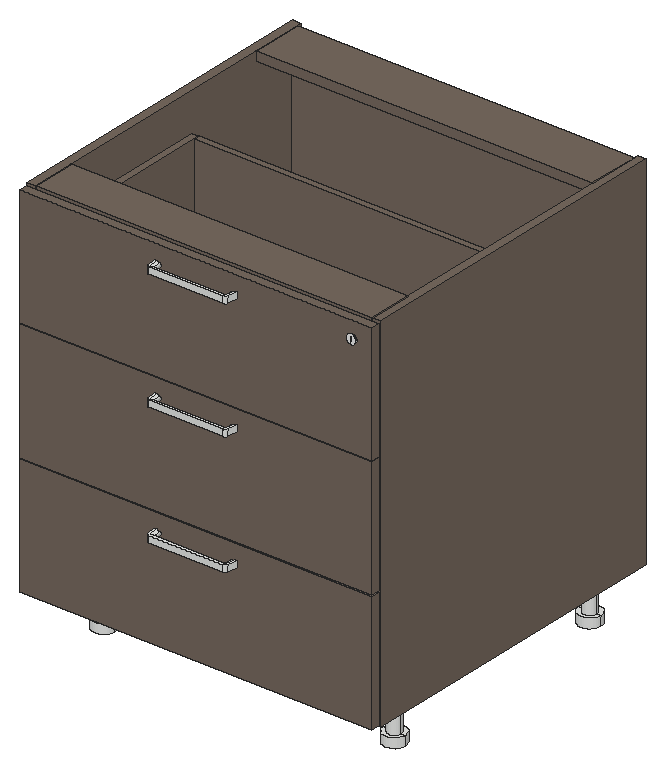
Revit family "Base_Cabinets-Teknion-CEBDT_Base_Cabinet_Three_Drawers-R2022", category Furniture, Revit 2023
Family settings
  OmniClass Number = 23.40.20.00
  OmniClass Title = General Furniture and Specialties
  Work Plane-Based = No
  Enable Cutting in Views = No
  Always vertical = Yes
  Cut with Voids When Loaded = No
  Render Appearance Source = Family Geometry
  Shared = Yes
  Room Calculation Point = No
Parameters (values of type "Equal Configuration")
  Width [instance] = 30.000"
  Warranty = "http://www.teknion.com/ca/papers/legal-canada"
  Unit Weight URL = "http://www.teknion.com/ca/tools/assets#&asset=bee6a381-b954-425e-8283-5a2de3a804f2,f828d448-4b62-4231-9e5f-9a8991c0ed77"
  URL = "www.teknion.com"
  U - Undermount - Soft Close [instance] = no
  To render please download texture images found here [instance] = "https://assets.teknion.com/web/5e81352c1dfdb467/revit-material-swatches/"
  U - One Small & Two Large = no
  Sustainability Data = "https://www.teknion.com/ca/tools/assets#&topic=216f99a5-57a0-44fc-b10a-9dee9b29ae4c&asset=444deb64-fe58-4b68-981e-f75e97781df7,b4ff2d81-9f2e-437d-9659-7cffb09c31cf"
  Series = "Expansion Casework+"  # constant formula
  S - Standard - Soft Close [instance] = not([U - Undermount - Soft Close])  # yes
  Pull Finish [instance] = Paint - Teknion - Foundation - Crisp Grey
  Product Page URL = "https://www.teknion.com/ca/products/product-details?productLineId=30ca1270-8e7a-673b-a6c8-ff05004460c4"
  Product Line = "Base Cabinets"  # constant formula
  Product Documentation Link = "https://www.teknion.com/pricing/expansion-casework/pdfs/CEBDT_ppg.pdf"
  Part Number = "CEBDT"  # constant formula
  Lock - Standard [instance] = [S - Standard - Soft Close]  # yes
  Handle 8 [instance] = and([E - Equal], Height = 32.000")  # no
  Handle 7 [instance] = or((and([E - Equal], Height = 35.000")), (and([U - One Small & Two Large], Height = 32.000")))  # yes
  Handle 6 [instance] = and([U - One Small & Two Large], Height = 35.000")  # no
  Handle 5 [instance] = and([E - Equal], Height = 32.000")  # no
  Handle 4 [instance] = or((and([E - Equal], Height = 35.000")), (and([U - One Small & Two Large], Height = 32.000")))  # yes
  Handle 3 [instance] = and([U - One Small & Two Large], Height = 35.000")  # no
  Handle 2 [instance] = or((and([E - Equal], Height = 32.000")), (and([U - One Small & Two Large], Height = 32.000")))  # no
  Handle 1 [instance] = or((and([E - Equal], Height = 35.000")), (and([U - One Small & Two Large], Height = 35.000")))  # yes
  E - Equal = yes
  Model = "CEBDTE____"
  Manufacturer Phone = "416-661-3370"  # constant formula
  Manufacturer Fax = "416.661.4586"  # constant formula
  Manufacturer Contact Information = "http://www.teknion.com/ca/contactus"
  Manufacturer Address = "1150 Flint Road, Toronto, ON. M3J 2J5. Canada"  # constant formula
  Manufacturer = "Teknion"  # constant formula
  How To Use Teknion Materials User Guide [instance] = "https://assets.teknion.com/m/205dd0a49fa58060/original/How-to-add-a-Material-Library-and-Texture-Images-to-your-Revit-project.pdf"
  Height [instance] = 35.000"
  Front Finish [instance] = Source Laminate - Teknion - 3M - Provincial Oak
  For Additional Finishes please visit [instance] = "https://assets.teknion.com/m/44a8009b046e5d47/original/Teknion_Materials_Library.zip"
  Foot Finish [instance] = Paint - Teknion - Foundation - Crisp Grey
  Drawer Style [instance] = "Select one drawer style. Standard - soft close is default."  # constant formula
  Dim - Height - Drawer 2 & 3 - Undermount [instance] = if((and((and([E - Equal], Height = 32.000")), [U - Undermount - Soft Close])), 5.114", 7.634")  # 7.634"
  Dim - Height - Drawer 2 & 3 - Standard [instance] = 7.205"  # constant formula
  Dim - Height - Drawer 1 - Undermount [instance] = if((and((and([E - Equal], Height = 35.000")), [U - Undermount - Soft Close])), 7.634", if((and((and([U - One Small & Two Large], Height = 32.000")), [U - Undermount - Soft Close])), 4.331", 5.114"))  # 5.114"
  Dim - Height - Drawer 1 - Standard [instance] = if((and((and([E - Equal], Height = 35.000")), [S - Standard - Soft Close])), 7.205", if((and((and([U - One Small & Two Large], Height = 32.000")), [S - Standard - Soft Close])), 3.858", 4.685"))  # 7.205"
  Dim - Front [instance] = if((and([E - Equal], Height = 35.000")), 10.131", if((and([E - Equal], Height = 32.000")), 9.048", if((and([U - One Small & Two Large], Height = 35.000")), 11.412", 10.194")))  # 10.131"
  Description = "Base Cabinet - Three Drawers, Equal Configuration"
  Depth [instance] = 29.000"
  Default Elevation = 0.000"
  Configuration = ""
  Case Finish [instance] = Source Laminate - Teknion - 3M - Provincial Oak
  Available Width [instance] = "12, 15, 18, 21, 24, 27, 30, 33 & 36 Inch"  # constant formula
  Available Height [instance] = "32 & 35 Inch"  # constant formula
  Available Depth [instance] = "24 & 29 Inch"  # constant formula
  Assembly Code = "E2020200"
  Actual Height [instance] = if(Height = 32.000", Height - 0.250", Height + 0.000")  # 35.000"
  2D - Undermount + 29D [instance] = and([U - Undermount - Soft Close], Depth = 29.000")  # no
  2D - Undermount + 24D [instance] = and([U - Undermount - Soft Close], Depth = 24.000")  # no
Reference planes (in)
  plane 1 "Center Front/Back": y = -14.5
  plane 2: z = 0
  plane 3 "Center Left/Right": x = 21
  plane 4 "Left": x = 6
  plane 5 "Right": x = 36
  plane 6 "Back": y = 0
  plane 7 "Front": y = -29
  plane 8 "Top": z = 35
  plane 9: z = 4.13386
  plane 10 "Foot 2": y = -2.59843
  plane 11 "Foot 1": y = -23.35433
  plane 12: z = 24.7502
  plane 13: y = -9.795
  plane 14: z = 24.63209
  plane 15: z = 14.50109
  plane 16: z = 14.38297
  plane 17: z = 4.25197
  plane 18: z = 34.88189
Forms (in)
  Sweep 1, solid, material "Source Laminate - Teknion - 3M - Provincial Oak" <- "Case Finish"
    path origin (0, 0, 0) x (1, 0, 0) y (0, 1, 0)
      loop
        line (6, -14.5) -> (6.70079, -14.5)
    profile origin (6.35039, -14.5, 0) x (0, 1, 0) y (0, 0, 1)
      loop
        line (14.5, 35) -> (-13.66142, 35) -> (-13.66142, 4.13386) -> (14.5, 4.13386) -> (14.5, 35)
  Sweep 2, solid, material "Source Laminate - Teknion - 3M - Provincial Oak" <- "Case Finish"
    path origin (0, 0, 0) x (1, 0, 0) y (0, 1, 0)
      loop
        line (36, -14.5) -> (35.29921, -14.5)
    profile origin (35.64961, -14.5, 0) x (0, -1, 0) y (0, 0, 1)
      loop
        line (-14.5, 35) -> (-14.5, 4.13386) -> (13.66142, 4.13386) -> (13.66142, 35) -> (-14.5, 35)
  Sweep 3, solid, material "Source Laminate - Teknion - 3M - Provincial Oak" <- "Case Finish"
    path origin (0, 0, 0) x (1, 0, 0) y (0, 1, 0)
      loop
        line (35.29921, -14.5) -> (6.70079, -14.5)
    profile origin (21, -14.5, 0) x (0, -1, 0) y (0, 0, 1)
      loop
        line (9.88189, 34.29921) -> (13.66142, 34.29921) -> (13.66142, 35) -> (9.88189, 35) -> (9.88189, 34.29921)
      loop
        line (-9.70472, 34.29921) -> (-9.70472, 35) -> (-14.18504, 35) -> (-14.18504, 34.29921) -> (-9.70472, 34.29921)
  Sweep 4, solid, material "Source Laminate - Teknion - 3M - Provincial Oak" <- "Case Finish"
    path origin (0, 0, 0) x (1, 0, 0) y (0, 1, 0)
      loop
        line (35.29921, -14.5) -> (6.70079, -14.5)
    profile origin (21, -14.5, 0) x (0, -1, 0) y (0, 0, 1)
      loop
        line (-13.48425, 34.29921) -> (-14.18504, 34.29921) -> (-14.18504, 5.14961) -> (-13.48425, 5.14961) -> (-13.48425, 34.29921)
  Sweep 5, solid, material "Source Laminate - Teknion - 3M - Provincial Oak" <- "Case Finish"
    path origin (0, -14.5, 0) x (1, 0, 0) y (0, 0, 1)
      loop
        line (21, 5.14961) -> (21, 4.13386)
    profile origin (21, -14.5, 4.64173) x (0, -1, 0) y (1, 0, 0)
      loop
        line (-14.18504, 14.29921) -> (-14.18504, -14.29921) -> (13.66142, -14.29921) -> (13.66142, 14.29921) -> (-14.18504, 14.29921)
  Revolve 6, solid, material "Paint - Teknion - Foundation - Crisp Grey" <- "Foot Finish"
    sketch origin (0, -23.35433, 0) x (-1, 0, 0) y (0, 0, 1)
      loop
        line (-8.64567, 4.13386) -> (-8.64567, 0) -> (-7.70276, 0) -> (-7.70276, 0.7874) -> (-8.09449, 0.7874) -> (-8.09449, 3.11024) -> (-7.70846, 3.11024) -> (-7.70846, 4.13386) -> (-8.64567, 4.13386)
      axis (-8.64567, 4.13386) -> (-8.64567, 0)
    angle from 0 to 360
  Revolve 7, solid, material "Paint - Teknion - Foundation - Crisp Grey" <- "Foot Finish"
    sketch origin (36.70866, -23.35433, 0) x (-1, 0, 0) y (0, 0, 1)
      loop
        line (3.35433, 4.13386) -> (3.35433, 0) -> (4.29724, 0) -> (4.29724, 0.7874) -> (3.90551, 0.7874) -> (3.90551, 3.11024) -> (4.29154, 3.11024) -> (4.29154, 4.13386) -> (3.35433, 4.13386)
      axis (3.35433, 4.13386) -> (3.35433, 0)
    angle from 0 to 360
  Revolve 8, solid, material "Paint - Teknion - Foundation - Crisp Grey" <- "Foot Finish"
    sketch origin (4.75, -2.59843, 0) x (-1, 0, 0) y (0, 0, 1)
      loop
        line (-28.60433, 4.13386) -> (-28.60433, 0) -> (-27.66142, 0) -> (-27.66142, 0.7874) -> (-28.05315, 0.7874) -> (-28.05315, 3.11024) -> (-27.66713, 3.11024) -> (-27.66713, 4.13386) -> (-28.60433, 4.13386)
      axis (-28.60433, 4.13386) -> (-28.60433, 0)
    angle from 0 to 360
  Revolve 9, solid, material "Paint - Teknion - Foundation - Crisp Grey" <- "Foot Finish"
    sketch origin (37.25, -2.59843, 0) x (1, 0, 0) y (0, 0, -1)
      loop
        line (-28.60433, -4.13386) -> (-28.60433, 0) -> (-29.54724, 0) -> (-29.54724, -0.7874) -> (-29.15551, -0.7874) -> (-29.15551, -3.11024) -> (-29.54154, -3.11024) -> (-29.54154, -4.13386) -> (-28.60433, -4.13386)
      axis (-28.60433, -4.13386) -> (-28.60433, 0)
    angle from 0 to 360
  Sweep 10, solid, material "Paint - Teknion - Mica - Platinum", visible <- "U - Undermount - Soft Close"
    path origin (0, 0, 0) x (1, 0, 0) y (0, 1, 0)
      loop
        line (21, -28.16142) -> (21, -11.68504)
    profile origin (21, -19.92323, 0) x (-1, 0, 0) y (0, 0, 1)
      loop
        line (13.60236, 25.40039) -> (13.60236, 25.83346) -> (12.10236, 25.83346) -> (12.10236, 25.40039) -> (13.60236, 25.40039)
      loop
        line (-12.10236, 25.40039) -> (-12.10236, 25.83346) -> (-13.60236, 25.83346) -> (-13.60236, 25.40039) -> (-12.10236, 25.40039)
      loop
        line (13.60236, 15.15109) -> (13.60236, 15.58416) -> (12.10236, 15.58416) -> (12.10236, 15.15109) -> (13.60236, 15.15109)
      loop
        line (-12.10236, 15.15109) -> (-12.10236, 15.58416) -> (-13.60236, 15.58416) -> (-13.60236, 15.15109) -> (-12.10236, 15.15109)
      loop
        line (-12.10236, 5.91339) -> (-12.10236, 6.34646) -> (-13.60236, 6.34646) -> (-13.60236, 5.91339) -> (-12.10236, 5.91339)
      loop
        line (13.60236, 5.91339) -> (13.60236, 6.34646) -> (12.10236, 6.34646) -> (12.10236, 5.91339) -> (13.60236, 5.91339)
  Sweep 11, solid, material "Paint - Teknion - Foundation - Crisp Grey" <- "Pull Finish", visible <- "Handle 4"
    path origin (0, -23.35433, 0) x (-1, 0, 0) y (0, 0, 1)
      loop
        line (-21, 23.44833) -> (-21, 22.91733)
    profile origin (21, -23.35433, 23.18283) x (0, 1, 0) y (-1, 0, 0)
      loop
        line (-5.64567, 3.49508) -> (-6.44976, 3.39635)
        arc (-6.44976, 3.39635) -> (-6.60653, 3.31387) -> (-6.66929, 3.14821) r 0.25
        line (-6.66929, 3.14821) -> (-6.66929, -3.14821)
        arc (-6.66929, -3.14821) -> (-6.60653, -3.31387) -> (-6.44976, -3.39635) r 0.25
        line (-6.44976, -3.39635) -> (-5.64567, -3.49508) -> (-5.64567, -3.35728) -> (-6.43307, -3.23165) -> (-6.43307, 3.23165) -> (-5.64567, 3.35728) -> (-5.64567, 3.49508)
  Sweep 12, solid, material "Paint - Teknion - Foundation - Crisp Grey" <- "Pull Finish", visible <- "Handle 3"
    path origin (0, -23.35433, 0) x (-1, 0, 0) y (0, 0, 1)
      loop
        line (-21, 25.88583) -> (-21, 25.35483)
    profile origin (21, -23.35433, 25.62033) x (0, 1, 0) y (-1, 0, 0)
      loop
        line (-5.64567, 3.49508) -> (-6.44976, 3.39635)
        arc (-6.44976, 3.39635) -> (-6.60653, 3.31387) -> (-6.66929, 3.14821) r 0.25
        line (-6.66929, 3.14821) -> (-6.66929, -3.14821)
        arc (-6.66929, -3.14821) -> (-6.60653, -3.31387) -> (-6.44976, -3.39635) r 0.25
        line (-6.44976, -3.39635) -> (-5.64567, -3.49508) -> (-5.64567, -3.35728) -> (-6.43307, -3.23165) -> (-6.43307, 3.23165) -> (-5.64567, 3.35728) -> (-5.64567, 3.49508)
  Sweep 13, solid, material "Paint - Teknion - Foundation - Crisp Grey" <- "Pull Finish", visible <- "Handle 1"
    path origin (0, -23.35433, 0) x (-1, 0, 0) y (0, 0, 1)
      loop
        line (-21, 33.04183) -> (-21, 33.57283)
    profile origin (21, -23.35433, 33.30733) x (1, 0, 0) y (0, 1, 0)
      loop
        line (-3.49508, -5.64567) -> (-3.39635, -6.44976)
        arc (-3.39635, -6.44976) -> (-3.31387, -6.60653) -> (-3.14821, -6.66929) r 0.25
        line (-3.14821, -6.66929) -> (3.14821, -6.66929)
        arc (3.14821, -6.66929) -> (3.31387, -6.60653) -> (3.39635, -6.44976) r 0.25
        line (3.39635, -6.44976) -> (3.49508, -5.64567) -> (3.35728, -5.64567) -> (3.23165, -6.43307) -> (-3.23165, -6.43307) -> (-3.35728, -5.64567) -> (-3.49508, -5.64567)
  Sweep 14, solid, material "Paint - Teknion - Foundation - Crisp Grey" <- "Pull Finish", visible <- "Handle 2"
    path origin (0, -23.35433, 0) x (-1, 0, 0) y (0, 0, 1)
      loop
        line (-21, 30.32697) -> (-21, 29.79597)
    profile origin (21, -23.35433, 30.06147) x (0, 1, 0) y (-1, 0, 0)
      loop
        line (-5.64567, 3.49508) -> (-6.44976, 3.39635)
        arc (-6.44976, 3.39635) -> (-6.60653, 3.31387) -> (-6.66929, 3.14821) r 0.25
        line (-6.66929, 3.14821) -> (-6.66929, -3.14821)
        arc (-6.66929, -3.14821) -> (-6.60653, -3.31387) -> (-6.44976, -3.39635) r 0.25
        line (-6.44976, -3.39635) -> (-5.64567, -3.49508) -> (-5.64567, -3.35728) -> (-6.43307, -3.23165) -> (-6.43307, 3.23165) -> (-5.64567, 3.35728) -> (-5.64567, 3.49508)
  Sweep 15, solid, material "Paint - Teknion - Foundation - Crisp Grey" <- "Pull Finish", visible <- "Handle 2"
    path origin (9, 0, 0) x (1, 0, 0) y (0, 1, 0)
      loop
        line (8.5714, -28.55302) -> (8.82531, -30.14439)
    profile origin (17.69836, -29.3487, 0) x (0.987508, 0.157566, 0) y (0, 0, 1)
      loop
        line (0.27167, 30.21231) -> (0.03671, 30.32697) -> (0, 30.32697) -> (0, 29.79597) -> (0.03773, 29.79597) -> (0.27167, 29.91013)
        arc (0.27167, 29.91013) -> (0.36606, 30.06122) -> (0.27167, 30.21231) r 0.16812
  Sweep 16, solid, material "Paint - Teknion - Foundation - Crisp Grey" <- "Pull Finish", visible <- "Handle 3"
    path origin (9, 0, -4.44114) x (1, 0, 0) y (0, 1, 0)
      loop
        line (8.5714, -28.55302) -> (8.82531, -30.14439)
    profile origin (17.69836, -29.3487, -4.44114) x (0.987508, 0.157566, 0) y (0, 0, 1)
      loop
        line (0.27167, 30.21231) -> (0.03671, 30.32697) -> (0, 30.32697) -> (0, 29.79597) -> (0.03773, 29.79597) -> (0.27167, 29.91013)
        arc (0.27167, 29.91013) -> (0.36606, 30.06122) -> (0.27167, 30.21231) r 0.16812
  Sweep 17, solid, material "Paint - Teknion - Foundation - Crisp Grey" <- "Pull Finish", visible <- "Handle 4"
    path origin (9, 0, -6.87864) x (1, 0, 0) y (0, 1, 0)
      loop
        line (8.5714, -28.55302) -> (8.82531, -30.14439)
    profile origin (17.69836, -29.3487, -6.87864) x (0.987508, 0.157566, 0) y (0, 0, 1)
      loop
        line (0.27167, 30.21231) -> (0.03671, 30.32697) -> (0, 30.32697) -> (0, 29.79597) -> (0.03773, 29.79597) -> (0.27167, 29.91013)
        arc (0.27167, 29.91013) -> (0.36606, 30.06122) -> (0.27167, 30.21231) r 0.16812
  Sweep 18, solid, material "Paint - Teknion - Foundation - Crisp Grey" <- "Pull Finish", visible <- "Handle 1"
    path origin (9, 0, 3.24587) x (1, 0, 0) y (0, 1, 0)
      loop
        line (8.5714, -28.55302) -> (8.82531, -30.14439)
    profile origin (17.69836, -29.3487, 3.24587) x (0.987508, 0.157566, 0) y (0, 0, 1)
      loop
        line (0.27167, 30.21231) -> (0.03671, 30.32697) -> (0, 30.32697) -> (0, 29.79597) -> (0.03773, 29.79597) -> (0.27167, 29.91013)
        arc (0.27167, 29.91013) -> (0.36606, 30.06122) -> (0.27167, 30.21231) r 0.16812
  Sweep 19, solid, material "Paint - Teknion - Foundation - Crisp Grey" <- "Pull Finish", visible <- "Handle 2"
    path origin (33, 0, 0) x (-1, 0, 0) y (0, -1, 0)
      loop
        line (8.5714, 28.55302) -> (8.82531, 30.14439)
    profile origin (24.30164, -29.3487, 0) x (0.987508, -0.157566, 0) y (0, 0, 1)
      loop
        arc (-0.27167, 30.21231) -> (-0.36606, 30.06122) -> (-0.27167, 29.91013) r 0.16812
        line (-0.27167, 29.91013) -> (-0.03773, 29.79597) -> (0, 29.79597) -> (0, 30.32697) -> (-0.03671, 30.32697) -> (-0.27167, 30.21231)
  Sweep 20, solid, material "Paint - Teknion - Foundation - Crisp Grey" <- "Pull Finish", visible <- "Handle 1"
    path origin (33, 0, 3.24587) x (-1, 0, 0) y (0, -1, 0)
      loop
        line (8.5714, 28.55302) -> (8.82531, 30.14439)
    profile origin (24.30164, -29.3487, 3.24587) x (0.987508, -0.157566, 0) y (0, 0, 1)
      loop
        arc (-0.27167, 30.21231) -> (-0.36606, 30.06122) -> (-0.27167, 29.91013) r 0.16812
        line (-0.27167, 29.91013) -> (-0.03773, 29.79597) -> (0, 29.79597) -> (0, 30.32697) -> (-0.03671, 30.32697) -> (-0.27167, 30.21231)
  Sweep 21, solid, material "Paint - Teknion - Foundation - Crisp Grey" <- "Pull Finish", visible <- "Handle 3"
    path origin (33, 0, -4.44114) x (-1, 0, 0) y (0, -1, 0)
      loop
        line (8.5714, 28.55302) -> (8.82531, 30.14439)
    profile origin (24.30164, -29.3487, -4.44114) x (0.987508, -0.157566, 0) y (0, 0, 1)
      loop
        arc (-0.27167, 30.21231) -> (-0.36606, 30.06122) -> (-0.27167, 29.91013) r 0.16812
        line (-0.27167, 29.91013) -> (-0.03773, 29.79597) -> (0, 29.79597) -> (0, 30.32697) -> (-0.03671, 30.32697) -> (-0.27167, 30.21231)
  Sweep 22, solid, material "Paint - Teknion - Foundation - Crisp Grey" <- "Pull Finish", visible <- "Handle 4"
    path origin (33, 0, -6.87864) x (-1, 0, 0) y (0, -1, 0)
      loop
        line (8.5714, 28.55302) -> (8.82531, 30.14439)
    profile origin (24.30164, -29.3487, -6.87864) x (0.987508, -0.157566, 0) y (0, 0, 1)
      loop
        arc (-0.27167, 30.21231) -> (-0.36606, 30.06122) -> (-0.27167, 29.91013) r 0.16812
        line (-0.27167, 29.91013) -> (-0.03773, 29.79597) -> (0, 29.79597) -> (0, 30.32697) -> (-0.03671, 30.32697) -> (-0.27167, 30.21231)
  Sweep 23, void
    path origin (0, -23.35433, 0) x (-1, 0, 0) y (0, 0, 1)
      loop
        line (-21, 35) -> (-21, 7.6063)
    profile origin (21, -23.35433, 21.30315) x (0, 1, 0) y (-1, 0, 0)
      loop
        line (-5.64567, 3.70705) -> (-5.64567, -3.70705) -> (-5.00738, -3.70705) -> (-5.00738, 3.70705) -> (-5.64567, 3.70705)
      loop
        line (-6.43307, 3.70705) -> (-6.94315, 3.70705) -> (-6.94315, -3.70705) -> (-6.43307, -3.70705) -> (-6.43307, 3.70705)
  Sweep 24, solid, material "Paint - Teknion - Mica - Platinum", visible <- "S - Standard - Soft Close"
    path origin (0, 0, 0) x (1, 0, 0) y (0, 1, 0)
      loop
        line (21, -28.16142) -> (21, -12.49213)
    profile origin (21, -20.32677, 0) x (-1, 0, 0) y (0, 0, 1)
      loop
        line (14.25984, 25.42816) -> (14.25984, 26.92816) -> (13.82283, 26.92816) -> (13.82283, 25.42816) -> (14.25984, 25.42816)
      loop
        line (-14.25984, 26.92816) -> (-14.25984, 25.42816) -> (-13.82283, 25.42816) -> (-13.82283, 26.92816) -> (-14.25984, 26.92816)
      loop
        line (14.25984, 15.17865) -> (14.25984, 16.67865) -> (13.82283, 16.67865) -> (13.82283, 15.17865) -> (14.25984, 15.17865)
      loop
        line (-14.25984, 16.67865) -> (-14.25984, 15.17865) -> (-13.82283, 15.17865) -> (-13.82283, 16.67865) -> (-14.25984, 16.67865)
      loop
        line (14.25984, 6.13386) -> (14.25984, 7.63386) -> (13.82283, 7.63386) -> (13.82283, 6.13386) -> (14.25984, 6.13386)
      loop
        line (-14.25984, 7.63386) -> (-14.25984, 6.13386) -> (-13.82283, 6.13386) -> (-13.82283, 7.63386) -> (-14.25984, 7.63386)
  Sweep 25, solid, material "Metal - Teknion - C6 - Chrome", visible <- "Lock - Standard"
    path origin (0, 0, 0) x (1, 0, 0) y (0, 1, 0)
      loop
        line (21, -29.05906) -> (21, -29)
    profile origin (21, -29.02953, 0) x (-1, 0, 0) y (0, 0, 1)
      loop
        circle (-13.24803, 33.42126) r 0.3937
      loop
        line (-13.29724, 33.60827) -> (-13.29724, 33.23425) -> (-13.19882, 33.23425) -> (-13.19882, 33.60827) -> (-13.29724, 33.60827)
  Sweep 26, solid, material "Source Laminate - Teknion - 3M - Provincial Oak" <- "Front Finish"
    path origin (0, 0, 0) x (1, 0, 0) y (0, 1, 0)
      loop
        line (21, -29) -> (21, -28.29921)
    profile origin (21, -28.64961, 0) x (-1, 0, 0) y (0, 0, 1)
      loop
        line (14.94094, 34.88189) -> (-14.94094, 34.88189) -> (-14.94094, 24.7502) -> (14.94094, 24.7502) -> (14.94094, 34.88189)
      loop
        line (14.94094, 24.63209) -> (-14.94094, 24.63209) -> (-14.94094, 14.50109) -> (14.94094, 14.50109) -> (14.94094, 24.63209)
      loop
        line (14.94094, 14.38297) -> (-14.94094, 14.38297) -> (-14.94094, 4.25197) -> (14.94094, 4.25197) -> (14.94094, 14.38297)
  Sweep 27, solid, material "Paint - Teknion - Foundation - Crisp Grey" <- "Pull Finish", visible <- "Handle 6"
    path origin (0, -23.35433, 0) x (-1, 0, 0) y (0, 0, 1)
      loop
        line (-21, 14.35531) -> (-21, 13.82431)
    profile origin (21, -23.35433, 14.08981) x (0, 1, 0) y (-1, 0, 0)
      loop
        line (-6.66929, 3.14821) -> (-6.66929, -3.14821)
        arc (-6.66929, -3.14821) -> (-6.60653, -3.31387) -> (-6.44976, -3.39635) r 0.25
        line (-6.44976, -3.39635) -> (-5.64567, -3.49508) -> (-5.64567, -3.35728) -> (-6.43307, -3.23165) -> (-6.43307, 3.23165) -> (-5.64567, 3.35728) -> (-5.64567, 3.49508) -> (-6.44976, 3.39635)
        arc (-6.44976, 3.39635) -> (-6.60653, 3.31387) -> (-6.66929, 3.14821) r 0.25
  Sweep 28, solid, material "Paint - Teknion - Foundation - Crisp Grey" <- "Pull Finish", visible <- "Handle 7"
    path origin (0, -23.35433, 0) x (-1, 0, 0) y (0, 0, 1)
      loop
        line (-21, 12.60561) -> (-21, 13.13661)
    profile origin (21, -23.35433, 12.87111) x (1, 0, 0) y (0, 1, 0)
      loop
        line (-3.14821, -6.66929) -> (3.14821, -6.66929)
        arc (3.14821, -6.66929) -> (3.31387, -6.60653) -> (3.39635, -6.44976) r 0.25
        line (3.39635, -6.44976) -> (3.49508, -5.64567) -> (3.35728, -5.64567) -> (3.23165, -6.43307) -> (-3.23165, -6.43307) -> (-3.35728, -5.64567) -> (-3.49508, -5.64567) -> (-3.39635, -6.44976)
        arc (-3.39635, -6.44976) -> (-3.31387, -6.60653) -> (-3.14821, -6.66929) r 0.25
  Sweep 29, solid, material "Paint - Teknion - Foundation - Crisp Grey" <- "Pull Finish", visible <- "Handle 7"
    path origin (0, 0, -8.06171) x (1, 0, 0) y (0, 1, 0)
      loop
        line (17.5714, -28.55302) -> (17.82531, -30.14439)
    profile origin (17.69836, -29.3487, -8.06171) x (0.987508, 0.157566, 0) y (0, 0, 1)
      loop
        line (0.27167, 21.08367) -> (0.03671, 21.19833) -> (0, 21.19833) -> (0, 20.66733) -> (0.03773, 20.66733) -> (0.27167, 20.78149)
        arc (0.27167, 20.78149) -> (0.36606, 20.93258) -> (0.27167, 21.08367) r 0.16812
  Sweep 30, solid, material "Paint - Teknion - Foundation - Crisp Grey" <- "Pull Finish", visible <- "Handle 6"
    path origin (0, 0, -6.84301) x (1, 0, 0) y (0, 1, 0)
      loop
        line (17.5714, -28.55302) -> (17.82531, -30.14439)
    profile origin (17.69836, -29.3487, -6.84301) x (0.987508, 0.157566, 0) y (0, 0, 1)
      loop
        line (0.27167, 21.08367) -> (0.03671, 21.19833) -> (0, 21.19833) -> (0, 20.66733) -> (0.03773, 20.66733) -> (0.27167, 20.78149)
        arc (0.27167, 20.78149) -> (0.36606, 20.93258) -> (0.27167, 21.08367) r 0.16812
  Sweep 31, solid, material "Paint - Teknion - Foundation - Crisp Grey" <- "Pull Finish", visible <- "Handle 6"
    path origin (0, 0, 0) x (1, 0, 0) y (0, 1, 0)
      loop
        line (24.17469, -30.14439) -> (24.4286, -28.55302)
    profile origin (24.30164, -29.3487, 0) x (-0.987508, 0.157566, 0) y (0, 0, 1)
      loop
        arc (0.27167, 13.93848) -> (0.36606, 14.08957) -> (0.27167, 14.24065) r 0.16812
        line (0.27167, 14.24065) -> (0.03671, 14.35531) -> (0, 14.35531) -> (0, 13.82431) -> (0.03773, 13.82431) -> (0.27167, 13.93848)
  Sweep 32, solid, material "Paint - Teknion - Foundation - Crisp Grey" <- "Pull Finish", visible <- "Handle 7"
    path origin (0, 0, -1.2187) x (1, 0, 0) y (0, 1, 0)
      loop
        line (24.17469, -30.14439) -> (24.4286, -28.55302)
    profile origin (24.30164, -29.3487, -1.2187) x (-0.987508, 0.157566, 0) y (0, 0, 1)
      loop
        arc (0.27167, 13.93848) -> (0.36606, 14.08957) -> (0.27167, 14.24065) r 0.16812
        line (0.27167, 14.24065) -> (0.03671, 14.35531) -> (0, 14.35531) -> (0, 13.82431) -> (0.03773, 13.82431) -> (0.27167, 13.93848)
  Sweep 33, solid, material "Paint - Teknion - Foundation - Crisp Grey" <- "Pull Finish", visible <- "Handle 8"
    path origin (0, -23.35433, 0) x (-1, 0, 0) y (0, 0, 1)
      loop
        line (-21, 11.99075) -> (-21, 11.45975)
    profile origin (21, -23.35433, 11.72525) x (0, 1, 0) y (-1, 0, 0)
      loop
        line (-6.66929, 3.14821) -> (-6.66929, -3.14821)
        arc (-6.66929, -3.14821) -> (-6.60653, -3.31387) -> (-6.44976, -3.39635) r 0.25
        line (-6.44976, -3.39635) -> (-5.64567, -3.49508) -> (-5.64567, -3.35728) -> (-6.43307, -3.23165) -> (-6.43307, 3.23165) -> (-5.64567, 3.35728) -> (-5.64567, 3.49508) -> (-6.44976, 3.39635)
        arc (-6.44976, 3.39635) -> (-6.60653, 3.31387) -> (-6.66929, 3.14821) r 0.25
  Sweep 34, solid, material "Paint - Teknion - Foundation - Crisp Grey" <- "Pull Finish", visible <- "Handle 8"
    path origin (0, 0, 0) x (1, 0, 0) y (0, 1, 0)
      loop
        line (17.5714, -28.55302) -> (17.82531, -30.14439)
    profile origin (17.69836, -29.3487, 0) x (0.987508, 0.157566, 0) y (0, 0, 1)
      loop
        arc (0.27167, 11.57391) -> (0.36606, 11.725) -> (0.27167, 11.87609) r 0.16812
        line (0.27167, 11.87609) -> (0.03671, 11.99075) -> (0, 11.99075) -> (0, 11.45975) -> (0.03773, 11.45975) -> (0.27167, 11.57391)
  Sweep 35, solid, material "Paint - Teknion - Foundation - Crisp Grey" <- "Pull Finish", visible <- "Handle 8"
    path origin (0, 0, 0) x (1, 0, 0) y (0, 1, 0)
      loop
        line (24.17469, -30.14439) -> (24.4286, -28.55302)
    profile origin (24.30164, -29.3487, 0) x (-0.987508, 0.157566, 0) y (0, 0, 1)
      loop
        arc (0.27167, 11.57391) -> (0.36606, 11.725) -> (0.27167, 11.87609) r 0.16812
        line (0.27167, 11.87609) -> (0.03671, 11.99075) -> (0, 11.99075) -> (0, 11.45975) -> (0.03773, 11.45975) -> (0.27167, 11.57391)
  Sweep 36, solid, material "Paint - Teknion - Foundation - Crisp Grey" <- "Pull Finish", visible <- "Handle 5"
    path origin (0, -23.35433, 9.16594) x (-1, 0, 0) y (0, 0, 1)
      loop
        line (-21, 11.99075) -> (-21, 11.45975)
    profile origin (21, -23.35433, 20.89119) x (0, 1, 0) y (-1, 0, 0)
      loop
        line (-6.66929, 3.14821) -> (-6.66929, -3.14821)
        arc (-6.66929, -3.14821) -> (-6.60653, -3.31387) -> (-6.44976, -3.39635) r 0.25
        line (-6.44976, -3.39635) -> (-5.64567, -3.49508) -> (-5.64567, -3.35728) -> (-6.43307, -3.23165) -> (-6.43307, 3.23165) -> (-5.64567, 3.35728) -> (-5.64567, 3.49508) -> (-6.44976, 3.39635)
        arc (-6.44976, 3.39635) -> (-6.60653, 3.31387) -> (-6.66929, 3.14821) r 0.25
  Sweep 37, solid, material "Paint - Teknion - Foundation - Crisp Grey" <- "Pull Finish", visible <- "Handle 5"
    path origin (0, 0, 9.16594) x (1, 0, 0) y (0, 1, 0)
      loop
        line (17.5714, -28.55302) -> (17.82531, -30.14439)
    profile origin (17.69836, -29.3487, 9.16594) x (0.987508, 0.157566, 0) y (0, 0, 1)
      loop
        arc (0.27167, 11.57391) -> (0.36606, 11.725) -> (0.27167, 11.87609) r 0.16812
        line (0.27167, 11.87609) -> (0.03671, 11.99075) -> (0, 11.99075) -> (0, 11.45975) -> (0.03773, 11.45975) -> (0.27167, 11.57391)
  Sweep 38, solid, material "Paint - Teknion - Foundation - Crisp Grey" <- "Pull Finish", visible <- "Handle 5"
    path origin (0, 0, 9.16594) x (1, 0, 0) y (0, 1, 0)
      loop
        line (24.17469, -30.14439) -> (24.4286, -28.55302)
    profile origin (24.30164, -29.3487, 9.16594) x (-0.987508, 0.157566, 0) y (0, 0, 1)
      loop
        arc (0.27167, 11.57391) -> (0.36606, 11.725) -> (0.27167, 11.87609) r 0.16812
        line (0.27167, 11.87609) -> (0.03671, 11.99075) -> (0, 11.99075) -> (0, 11.45975) -> (0.03773, 11.45975) -> (0.27167, 11.57391)
  Sweep 39, solid, material "Source Laminate - Teknion - 3M - Provincial Oak" <- "Front Finish", visible <- "U - Undermount - Soft Close"
    path origin (0, 0, 0) x (1, 0, 0) y (0, 1, 0)
      loop
        line (21, -9.008) -> (21, -28.29921)
    profile origin (21, -18.65361, 0) x (1, 0, 0) y (0, 0, 1)
      loop
        line (-14.10236, 30.9862) -> (-14.10236, 25.8722) -> (-13.47244, 25.8722) -> (-13.47244, 30.9862) -> (-14.10236, 30.9862)
      loop
        line (14.10236, 30.9862) -> (13.47244, 30.9862) -> (13.47244, 25.8722) -> (14.10236, 25.8722) -> (14.10236, 30.9862)
      loop
        line (-14.10236, 23.25753) -> (-14.10236, 15.62353) -> (-13.47244, 15.62353) -> (-13.47244, 23.25753) -> (-14.10236, 23.25753)
      loop
        line (14.10236, 23.25753) -> (13.47244, 23.25753) -> (13.47244, 15.62353) -> (14.10236, 15.62353) -> (14.10236, 23.25753)
      loop
        line (-14.10236, 14.01983) -> (-14.10236, 6.38583) -> (-13.47244, 6.38583) -> (-13.47244, 14.01983) -> (-14.10236, 14.01983)
      loop
        line (14.10236, 14.01983) -> (13.47244, 14.01983) -> (13.47244, 6.38583) -> (14.10236, 6.38583) -> (14.10236, 14.01983)
  Sweep 40, solid, material "Source Laminate - Teknion - 3M - Provincial Oak" <- "Front Finish", visible <- "U - Undermount - Soft Close"
    path origin (0, 0, 0) x (1, 0, 0) y (0, 1, 0)
      loop
        line (34.47244, -14.5) -> (7.52756, -14.5)
    profile origin (21, -14.5, 0) x (0, -1, 0) y (0, 0, 1)
      loop
        line (-4.8622, 30.9862) -> (-5.492, 30.9862) -> (-5.492, 25.8722) -> (-4.8622, 25.8722) -> (-4.8622, 30.9862)
      loop
        line (13.79921, 30.9862) -> (13.16929, 30.9862) -> (13.16929, 25.8722) -> (13.79921, 25.8722) -> (13.79921, 30.9862)
      loop
        line (-4.8622, 23.25753) -> (-5.492, 23.25753) -> (-5.492, 15.62353) -> (-4.8622, 15.62353) -> (-4.8622, 23.25753)
      loop
        line (13.79921, 23.25753) -> (13.16929, 23.25753) -> (13.16929, 15.62353) -> (13.79921, 15.62353) -> (13.79921, 23.25753)
      loop
        line (-4.8622, 14.01983) -> (-5.492, 14.01983) -> (-5.492, 6.38583) -> (-4.8622, 6.38583) -> (-4.8622, 14.01983)
      loop
        line (13.79921, 14.01983) -> (13.16929, 14.01983) -> (13.16929, 6.38583) -> (13.79921, 6.38583) -> (13.79921, 14.01983)
  Sweep 41, solid, material "Source Laminate - Teknion - 3M - Provincial Oak" <- "Front Finish", visible <- "U - Undermount - Soft Close"
    path origin (0, 0, 0) x (1, 0, 0) y (0, 1, 0)
      loop
        line (7.52756, -14.5) -> (34.47244, -14.5)
    profile origin (21, -14.5, 0) x (0, 1, 0) y (0, 0, 1)
      loop
        line (4.8622, 6.38583) -> (4.8622, 7.6063) -> (-13.16929, 7.6063) -> (-13.16929, 6.38583) -> (4.8622, 6.38583)
      loop
        line (4.8622, 15.62353) -> (4.8622, 16.844) -> (-13.16929, 16.844) -> (-13.16929, 15.62353) -> (4.8622, 15.62353)
      loop
        line (4.8622, 25.8722) -> (4.8622, 27.09268) -> (-13.16929, 27.09268) -> (-13.16929, 25.8722) -> (4.8622, 25.8722)
  Sweep 42, solid, material "Source Laminate - Teknion - 3M - Provincial Oak" <- "Front Finish", visible <- "S - Standard - Soft Close"
    path origin (0, 0, 0) x (1, 0, 0) y (0, 1, 0)
      loop
        line (21, -12.15748) -> (21, -28.29921)
    profile origin (21, -20.22835, 0) x (1, 0, 0) y (0, 0, 1)
      loop
        line (-13.25984, 32.13295) -> (-13.78346, 32.13295) -> (-13.78346, 24.92795) -> (-13.25984, 24.92795) -> (-13.25984, 32.13295)
      loop
        line (13.78346, 32.13295) -> (13.25984, 32.13295) -> (13.25984, 24.92795) -> (13.78346, 24.92795) -> (13.78346, 32.13295)
      loop
        line (-13.25984, 21.88354) -> (-13.78346, 21.88354) -> (-13.78346, 14.67854) -> (-13.25984, 14.67854) -> (-13.25984, 21.88354)
      loop
        line (13.78346, 21.88354) -> (13.25984, 21.88354) -> (13.25984, 14.67854) -> (13.78346, 14.67854) -> (13.78346, 21.88354)
      loop
        line (-13.25984, 12.83886) -> (-13.78346, 12.83886) -> (-13.78346, 5.63386) -> (-13.25984, 5.63386) -> (-13.25984, 12.83886)
      loop
        line (13.78346, 12.83886) -> (13.25984, 12.83886) -> (13.25984, 5.63386) -> (13.78346, 5.63386) -> (13.78346, 12.83886)
  Sweep 43, solid, material "Source Laminate - Teknion - 3M - Provincial Oak" <- "Front Finish", visible <- "S - Standard - Soft Close"
    path origin (0, 0, 0) x (1, 0, 0) y (0, 1, 0)
      loop
        line (34.25984, -14.5) -> (7.74016, -14.5)
    profile origin (21, -14.5, 0) x (0, -1, 0) y (0, 0, 1)
      loop
        line (-1.8189, 21.88354) -> (-2.34252, 21.88354) -> (-2.34252, 14.67854) -> (-1.8189, 14.67854) -> (-1.8189, 21.88354)
      loop
        line (13.27559, 21.88354) -> (13.27559, 14.67854) -> (13.79921, 14.67854) -> (13.79921, 21.88354) -> (13.27559, 21.88354)
      loop
        line (-1.8189, 32.13295) -> (-2.34252, 32.13295) -> (-2.34252, 24.92795) -> (-1.8189, 24.92795) -> (-1.8189, 32.13295)
      loop
        line (13.79921, 32.13295) -> (13.27559, 32.13295) -> (13.27559, 24.92795) -> (13.79921, 24.92795) -> (13.79921, 32.13295)
      loop
        line (-1.8189, 12.83886) -> (-2.34252, 12.83886) -> (-2.34252, 5.63386) -> (-1.8189, 5.63386) -> (-1.8189, 12.83886)
      loop
        line (13.27559, 12.83886) -> (13.27559, 5.63386) -> (13.79921, 5.63386) -> (13.79921, 12.83886) -> (13.27559, 12.83886)
  Sweep 44, solid, material "Source Laminate - Teknion - 3M - Provincial Oak" <- "Front Finish", visible <- "S - Standard - Soft Close"
    path origin (0, 0, 0) x (1, 0, 0) y (0, 1, 0)
      loop
        line (21, -12.6811) -> (21, -27.77559)
    profile origin (21, -20.22835, 0) x (1, 0, 0) y (0, 0, 1)
      loop
        line (-13.25984, 25.71929) -> (-13.25984, 24.92795) -> (13.25984, 24.92795) -> (13.25984, 25.71929) -> (-13.25984, 25.71929)
      loop
        line (-13.25984, 15.46988) -> (-13.25984, 14.67854) -> (13.25984, 14.67854) -> (13.25984, 15.46988) -> (-13.25984, 15.46988)
      loop
        line (-13.25984, 6.4252) -> (-13.25984, 5.63386) -> (13.25984, 5.63386) -> (13.25984, 6.4252) -> (-13.25984, 6.4252)
Cuts and joins
  Sweep 23 cuts Sweep 18
  Sweep 23 cuts Sweep 20
  joined: Sweep 13, Sweep 18, Sweep 20
  Sweep 23 cuts Sweep 15
  Sweep 23 cuts Sweep 19
  joined: Sweep 14, Sweep 15, Sweep 19
  Sweep 23 cuts Sweep 16
  Sweep 23 cuts Sweep 21
  joined: Sweep 12, Sweep 16, Sweep 21
  Sweep 23 cuts Sweep 17
  Sweep 23 cuts Sweep 22
  joined: Sweep 11, Sweep 17, Sweep 22
  Sweep 23 cuts Sweep 30
  Sweep 23 cuts Sweep 31
  joined: Sweep 27, Sweep 30, Sweep 31
  Sweep 23 cuts Sweep 37
  Sweep 23 cuts Sweep 38
  joined: Sweep 36, Sweep 37, Sweep 38
  Sweep 23 cuts Sweep 34
  Sweep 23 cuts Sweep 35
  joined: Sweep 33, Sweep 34, Sweep 35
  Sweep 23 cuts Sweep 29
  Sweep 23 cuts Sweep 32
  joined: Sweep 28, Sweep 29, Sweep 32
Lines and regions (in)
  Masking region 1
    outline origin (0, 0, 0) x (1, 0, 0) y (0, 1, 0)
      loop
        line (6, -28.16142) -> (36, -28.16142) -> (36, 0) -> (35.29921, 0) -> (35.29921, -0.31496) -> (6.70079, -0.31496) -> (6.70079, 0) -> (6, 0) -> (6, -28.16142)
  Masking region 2
    outline origin (0, 0, 0) x (1, 0, 0) y (0, 1, 0)
      loop
        line (6.05906, -28.29921) -> (6.05906, -29) -> (35.94094, -29) -> (35.94094, -28.29921) -> (6.05906, -28.29921)
  Masking region 3, visible <- "Lock - Standard"
    outline origin (0, 0, 0) x (1, 0, 0) y (0, 1, 0)
      loop
        line (33.85433, -29.05906) -> (34.64173, -29.05906) -> (34.64173, -29) -> (33.85433, -29) -> (33.85433, -29.05906)
  Masking region 4
    outline origin (0, 0, 0) x (1, 0, 0) y (0, 1, 0)
      loop
        line (17.85179, -30.02362) -> (24.14821, -30.02362)
        arc (24.14821, -30.02362) -> (24.31387, -29.96086) -> (24.39635, -29.80409) r 0.25
        line (24.39635, -29.80409) -> (24.49508, -29) -> (23.98667, -29) -> (23.86103, -29.7874) -> (18.13897, -29.7874) -> (18.01333, -29) -> (17.50492, -29) -> (17.60365, -29.80409)
        arc (17.60365, -29.80409) -> (17.68613, -29.96086) -> (17.85179, -30.02362) r 0.25
  Masking region 5, visible <- "U - Undermount - Soft Close"
    outline origin (0, 0, 0) x (1, 0, 0) y (0, 1, 0)
      loop
        line (6.89764, -28.16142) -> (6.89764, -28.29921) -> (35.10236, -28.29921) -> (35.10236, -28.16142) -> (6.89764, -28.16142)
  Masking region 6, visible <- "S - Standard - Soft Close"
    outline origin (0, 0, 0) x (1, 0, 0) y (0, 1, 0)
      loop
        line (7.21654, -28.16142) -> (7.21654, -28.29921) -> (34.78346, -28.29921) -> (34.78346, -28.16142) -> (7.21654, -28.16142)
  reference lines
    curve 1: line (6, 0, 0) -> (36, 0, 0)
    curve 2: line (6, -29, 0) -> (36, -29, 0)
    curve 3: line (6, 0, 0) -> (6, -29, 0)
    curve 4: line (36, 0, 0) -> (36, -29, 0)
  symbolic lines
    curve 5: line (24.19447, -29.7874, 0) -> (17.80553, -29.7874, 0)
    curve 6: line (17.80553, -29.7874, 0) -> (17.67989, -29, 0)
    curve 7: line (24.19447, -29.7874, 0) -> (24.32011, -29, 0)
    curve 8: line (6.70079, -28.16142, 0) -> (6.70079, 0, 0)
    curve 9: line (35.29921, 0, 0) -> (35.29921, -28.16142, 0)
    curve 10: line (6.70079, -4.79528, 0) -> (35.29921, -4.79528, 0)
    curve 11: line (35.29921, -24.38189, 0) -> (6.70079, -24.38189, 0)
  symbolic lines, visible <- "S - Standard - Soft Close"
    curve 12: line (7.74016, -12.6811, 0) -> (34.25984, -12.6811, 0)
    curve 13: line (34.78346, -12.15748, 0) -> (7.21654, -12.15748, 0)
    curve 14: line (7.21654, -12.15748, 0) -> (7.21654, -24.38189, 0)
    curve 15: line (7.74016, -24.38189, 0) -> (7.74016, -12.15748, 0)
    curve 16: line (34.78346, -24.38189, 0) -> (34.78346, -12.15748, 0)
    curve 17: line (34.25984, -12.15748, 0) -> (34.25984, -24.38189, 0)
    curve 23: line (7.74016, -28.16142, 0) -> (7.74016, -28.29921, 0)
    curve 24: line (34.25984, -28.16142, 0) -> (34.25984, -28.29921, 0)
    curve 25: line (6.74016, -12.49213, 0) -> (6.74016, -24.38189, 0)
    curve 26: line (7.17717, -24.38189, 0) -> (7.17717, -12.49213, 0)
    curve 27: line (7.17717, -12.49213, 0) -> (6.74016, -12.49213, 0)
    curve 28: line (34.82283, -12.49213, 0) -> (34.82283, -24.38189, 0)
    curve 29: line (35.25984, -24.38189, 0) -> (35.25984, -12.49213, 0)
    curve 30: line (35.25984, -12.49213, 0) -> (34.82283, -12.49213, 0)
  symbolic lines, style "FurnitureHiddenLines", visible <- "S - Standard - Soft Close", detail levels medium+fine
    curve 18: line (7.74016, -28.16142, 0) -> (7.74016, -24.38189, 0)
    curve 19: line (7.21654, -24.38189, 0) -> (7.21654, -28.29921, 0)
    curve 20: line (34.25984, -24.38189, 0) -> (34.25984, -28.16142, 0)
    curve 21: line (34.78346, -28.29921, 0) -> (34.78346, -24.38189, 0)
    curve 22: line (34.25984, -27.77559, 0) -> (7.74016, -27.77559, 0)
    curve 31: line (35.25984, -28.16142, 0) -> (35.25984, -24.38189, 0)
    curve 32: line (34.82283, -24.38189, 0) -> (34.82283, -28.16142, 0)
    curve 33: line (6.74016, -24.38189, 0) -> (6.74016, -28.16142, 0)
    curve 34: line (7.17717, -28.16142, 0) -> (7.17717, -24.38189, 0)
  symbolic lines, style "FurnitureHiddenLines", visible <- "U - Undermount - Soft Close", detail levels medium+fine
    curve 35: line (7.39764, -11.68504, 0) -> (7.39764, -28.16142, 0)
    curve 36: line (8.89764, -28.16142, 0) -> (8.89764, -11.68504, 0)
    curve 37: line (7.39764, -11.68504, 0) -> (8.89764, -11.68504, 0)
    curve 38: line (33.10236, -11.68504, 0) -> (33.10236, -28.16142, 0)
    curve 39: line (34.60236, -28.16142, 0) -> (34.60236, -11.68504, 0)
    curve 40: line (33.10236, -11.68504, 0) -> (34.60236, -11.68504, 0)
    curve 47: line (34.47244, -27.66929, 0) -> (7.52756, -27.66929, 0)
    curve 48: line (7.52756, -28.16142, 0) -> (7.52756, -24.38189, 0)
    curve 49: line (6.89764, -24.38189, 0) -> (6.89764, -28.29921, 0)
    curve 50: line (34.47244, -24.38189, 0) -> (34.47244, -28.16142, 0)
    curve 51: line (35.10236, -28.29921, 0) -> (35.10236, -24.38189, 0)
  symbolic lines, visible <- "U - Undermount - Soft Close"
    curve 41: line (6.89764, -9.795, 0) -> (6.89764, -24.38189, 0)
    curve 42: line (7.52756, -24.38189, 0) -> (7.52756, -9.795, 0)
    curve 43: line (34.47244, -9.795, 0) -> (34.47244, -24.38189, 0)
    curve 44: line (35.10236, -24.38189, 0) -> (35.10236, -9.795, 0)
    curve 45: line (7.52756, -28.16142, 0) -> (7.52756, -28.29921, 0)
    curve 46: line (34.47244, -28.16142, 0) -> (34.47244, -28.29921, 0)
  symbolic lines, visible <- "2D - Undermount + 29D"
    curve 52: line (6.89764, -9.795, 0) -> (6.89764, -9.008, 0)
    curve 53: line (6.89764, -9.008, 0) -> (35.10236, -9.008, 0)
    curve 54: line (35.10236, -9.008, 0) -> (35.10236, -9.795, 0)
    curve 55: line (34.47244, -9.008, 0) -> (34.47244, -9.795, 0)
    curve 56: line (7.52756, -9.008, 0) -> (7.52756, -9.795, 0)
    curve 57: line (7.52756, -9.6378, 0) -> (34.47244, -9.6378, 0)
  symbolic lines, style "FurnitureHiddenLines", visible <- "2D - Undermount + 24D", detail levels medium+fine
    curve 58: line (6.89764, -9.795, 0) -> (6.89764, -9.008, 0)
    curve 59: line (6.89764, -9.008, 0) -> (35.10236, -9.008, 0)
    curve 60: line (35.10236, -9.008, 0) -> (35.10236, -9.795, 0)
    curve 61: line (34.47244, -9.008, 0) -> (34.47244, -9.795, 0)
    curve 62: line (7.52756, -9.008, 0) -> (7.52756, -9.795, 0)
    curve 63: line (7.52756, -9.6378, 0) -> (34.47244, -9.6378, 0)
  symbolic lines, style "FurnitureHiddenLines", detail levels fine
    curve 64: arc (9.58287, -23.35433, 0) -> (8.64567, -22.41713, 0) -> (7.70846, -23.35433, 0) r 0.9372
    curve 65: arc (9.19685, -23.35433, 0) -> (8.64567, -22.80315, 0) -> (8.09449, -23.35433, 0) r 0.55118
    curve 66: arc (8.09449, -23.35433, 0) -> (8.64567, -23.90551, 0) -> (9.19685, -23.35433, 0) r 0.55118
    curve 67: arc (7.70846, -23.35433, 0) -> (8.64567, -24.29154, 0) -> (9.58287, -23.35433, 0) r 0.9372
    curve 68: arc (34.29154, -23.35433, 0) -> (33.35433, -22.41713, 0) -> (32.41713, -23.35433, 0) r 0.9372
    curve 69: arc (33.90551, -23.35433, 0) -> (33.35433, -22.80315, 0) -> (32.80315, -23.35433, 0) r 0.55118
    curve 70: arc (32.80315, -23.35433, 0) -> (33.35433, -23.90551, 0) -> (33.90551, -23.35433, 0) r 0.55118
    curve 71: arc (32.41713, -23.35433, 0) -> (33.35433, -24.29154, 0) -> (34.29154, -23.35433, 0) r 0.9372
    curve 72: arc (34.29154, -2.59843, 0) -> (33.35433, -1.66122, 0) -> (32.41713, -2.59843, 0) r 0.9372
    curve 73: arc (33.90551, -2.59843, 0) -> (33.35433, -2.04724, 0) -> (32.80315, -2.59843, 0) r 0.55118
    curve 74: arc (32.80315, -2.59843, 0) -> (33.35433, -3.14961, 0) -> (33.90551, -2.59843, 0) r 0.55118
    curve 75: arc (32.41713, -2.59843, 0) -> (33.35433, -3.53563, 0) -> (34.29154, -2.59843, 0) r 0.9372
    curve 76: arc (9.58287, -2.59843, 0) -> (8.64567, -1.66122, 0) -> (7.70846, -2.59843, 0) r 0.9372
    curve 77: arc (9.19685, -2.59843, 0) -> (8.64567, -2.04724, 0) -> (8.09449, -2.59843, 0) r 0.55118
    curve 78: arc (8.09449, -2.59843, 0) -> (8.64567, -3.14961, 0) -> (9.19685, -2.59843, 0) r 0.55118
    curve 79: arc (7.70846, -2.59843, 0) -> (8.64567, -3.53563, 0) -> (9.58287, -2.59843, 0) r 0.9372
  symbolic lines, style "FurnitureHiddenLines", visible <- "Lock - Standard", detail levels fine
    curve 80: line (34.19882, -29.05906, 0) -> (34.19882, -29, 0)
    curve 81: line (34.29724, -29, 0) -> (34.29724, -29.05906, 0)
  symbolic lines, style "FurnitureHiddenLines", detail levels medium+fine
    curve 82: line (6.70079, -1.01575, 0) -> (35.29921, -1.01575, 0)
Dimensions and locks (in)
  "Width": plane 4 "Left" to plane 5 "Right"
  "Depth": plane 6 "Back" to plane 7 "Front"
  "Actual Height": plane 8 "Top" to level
  equal spacing: plane 6 "Back", plane 1 "Center Front/Back", plane 7 "Front"
  equal spacing: plane 4 "Left", plane 3 "Center Left/Right", plane 5 "Right"
  locked: plane 9 to plane 2 at 4.13386
  locked: plane 4 "Left" to Sweep 1 sketch curve at 0.70079
  locked: plane 7 "Front" to Sweep 1 sketch curve at 0.83858
  locked: Sweep 2 sketch curve to plane 5 "Right" at 0.70079
  locked: plane 7 "Front" to Sweep 2 sketch curve at 0.83858
  locked: plane 4 "Left" to Sweep 3 sketch curve at 0.70079
  locked: Sweep 3 sketch curve to plane 5 "Right" at 0.70079
  Sweep 3 sketch curve to Sweep 3 sketch curve to plane 6 "Back" = 4.48031" locked, 0.31496" locked
  plane 7 "Front" to Sweep 3 sketch curve to Sweep 3 sketch curve = 0.83858" locked, 3.77953" locked
  locked: plane 8 "Top" to Sweep 3 sketch curve at 0.70079  (x2)
  locked: Sweep 4 sketch curve to plane 5 "Right" at 0.70079
  locked: plane 4 "Left" to Sweep 4 sketch curve at 0.70079
  Sweep 4 sketch curve to Sweep 4 sketch curve to plane 6 "Back" = 0.70079" locked, 0.31496" locked
  locked: plane 8 "Top" to Sweep 4 sketch curve at 0.70079
  locked: Sweep 4 sketch curve to plane 9 at 1.01575
  locked: Sweep 5 sketch curve to plane 9 at 1.01575
  locked: plane 4 "Left" to Sweep 5 sketch curve at 0.70079
  locked: Sweep 5 sketch curve to plane 5 "Right" at 0.70079
  locked: plane 6 "Back" to Sweep 5 sketch curve at 0.31496
  locked: plane 7 "Front" to Sweep 5 sketch curve at 0.83858
  locked: plane 11 "Foot 1" to plane 7 "Front" at 5.64567
  locked: plane 6 "Back" to plane 10 "Foot 2" at 2.59843
  Revolve 9 sketch curve to Revolve 9 sketch curve to Revolve 9 sketch curve to Revolve 9 sketch curve to plane 4 "Left" = 0.55118" locked, 0.38602" locked, 0.00571" locked, 1.70276" locked
  locked: plane 9 to Revolve 9 sketch curve at 1.02362
  locked: Revolve 9 sketch curve to plane 2 at 0.7874
  locked: plane 4 "Left" to Revolve 9 sketch curve at 2.64567
  locked: Revolve 6 sketch curve to plane 2 at 0.7874
  locked: plane 9 to Revolve 6 sketch curve at 1.02362
  Revolve 6 sketch curve to Revolve 6 sketch curve to Revolve 6 sketch curve to Revolve 6 sketch curve to plane 4 "Left" = 0.55118" locked, 0.38602" locked, 0.00571" locked, 1.70276" locked
  locked: plane 4 "Left" to Revolve 6 sketch curve at 2.64567
  plane 5 "Right" to Revolve 7 sketch curve to Revolve 7 sketch curve to Revolve 7 sketch curve to Revolve 7 sketch curve = 2.64567" locked, 0.55118" locked, 0.38602" locked, 0.00571" locked
  locked: plane 9 to Revolve 7 sketch curve at 1.02362
  locked: Revolve 7 sketch curve to plane 2 at 0.7874
  locked: Revolve 7 sketch curve to plane 5 "Right" at 2.64567
  Revolve 8 sketch curve to Revolve 8 sketch curve to Revolve 8 sketch curve to Revolve 8 sketch curve to plane 5 "Right" = 0.00571" locked, 0.38602" locked, 0.55118" locked, 2.64567" locked
  locked: Revolve 8 sketch curve to plane 2 at 0.7874
  locked: plane 9 to Revolve 8 sketch curve at 1.02362
  locked: Revolve 8 sketch curve to plane 5 "Right" at 2.64567
  Sweep 10 sketch curve to Sweep 10 sketch curve to plane 7 "Front" = 16.47638" locked, 0.83858" locked
  Sweep 10 sketch curve to Sweep 10 sketch curve to plane 4 "Left" = 1.500" locked, 1.39764" locked
  Sweep 10 sketch curve to Sweep 10 sketch curve to plane 5 "Right" = 1.500" locked, 1.39764" locked
  plane 7 "Front" to plane 13 = 19.205"
  Sweep 11 sketch curve to Sweep 11 sketch curve to plane 2 = 0.531" locked, 22.91733" locked
  Sweep 11 sketch curve to Sweep 11 sketch curve to Sweep 11 sketch curve to Sweep 11 sketch curve to Sweep 11 sketch curve to plane 3 "Center Left/Right" to Sweep 11 sketch curve to Sweep 11 sketch curve to Sweep 11 sketch curve to Sweep 11 sketch curve to Sweep 11 sketch curve = 0.09873" locked, 0.03907" locked, 0.12564" locked, 0.08343" locked, 3.14821" locked, 3.14821" locked, 0.08343" locked, 0.12564" locked, 0.03907" locked, 0.09873" locked
  plane 7 "Front" to Sweep 11 sketch curve to Sweep 11 sketch curve = 0.7874" locked, 0.23622" locked
  plane 2 to Sweep 12 sketch curve to Sweep 12 sketch curve = 25.35483" locked, 0.531" locked
  Sweep 12 sketch curve to Sweep 12 sketch curve to Sweep 12 sketch curve to Sweep 12 sketch curve to Sweep 12 sketch curve to plane 3 "Center Left/Right" to Sweep 12 sketch curve to Sweep 12 sketch curve to Sweep 12 sketch curve to Sweep 12 sketch curve to Sweep 12 sketch curve = 0.09873" locked, 0.03907" locked, 0.12564" locked, 0.08343" locked, 3.14821" locked, 3.14821" locked, 0.08343" locked, 0.12564" locked, 0.03907" locked, 0.09873" locked
  plane 7 "Front" to Sweep 12 sketch curve to Sweep 12 sketch curve = 0.7874" locked, 0.23622" locked
  Sweep 13 sketch curve to Sweep 13 sketch curve to plane 2 = 0.531" locked, 33.04183" locked
  Sweep 13 sketch curve to Sweep 13 sketch curve to Sweep 13 sketch curve to Sweep 13 sketch curve to Sweep 13 sketch curve to plane 3 "Center Left/Right" to Sweep 13 sketch curve to Sweep 13 sketch curve to Sweep 13 sketch curve to Sweep 13 sketch curve to Sweep 13 sketch curve = 0.09873" locked, 0.03907" locked, 0.12564" locked, 0.08343" locked, 3.14821" locked, 3.14821" locked, 0.08343" locked, 0.12564" locked, 0.03907" locked, 0.09873" locked
  plane 7 "Front" to Sweep 13 sketch curve to Sweep 13 sketch curve = 0.7874" locked, 0.23622" locked
  Sweep 14 sketch curve to Sweep 14 sketch curve to plane 2 = 0.531" locked, 29.79597" locked
  Sweep 14 sketch curve to Sweep 14 sketch curve to Sweep 14 sketch curve to Sweep 14 sketch curve to Sweep 14 sketch curve to plane 3 "Center Left/Right" to Sweep 14 sketch curve to Sweep 14 sketch curve to Sweep 14 sketch curve to Sweep 14 sketch curve to Sweep 14 sketch curve = 0.09873" locked, 0.03907" locked, 0.12564" locked, 0.08343" locked, 3.14821" locked, 3.14821" locked, 0.08343" locked, 0.12564" locked, 0.03907" locked, 0.09873" locked
  plane 7 "Front" to Sweep 14 sketch curve to Sweep 14 sketch curve = 0.7874" locked, 0.23622" locked
  plane 3 "Center Left/Right" to Sweep 17 sketch curve to Sweep 17 sketch curve = 3.17469" locked, 0.25392" locked
  Sweep 17 sketch curve to plane 7 "Front" to Sweep 17 sketch curve = 1.14439" locked, 0.44698" locked
  plane 3 "Center Left/Right" to Sweep 17 sketch curve to Sweep 17 sketch curve to Sweep 17 sketch curve to Sweep 17 sketch curve to Sweep 17 sketch curve = 3.03336" locked, 0.000" locked, 0.23103" locked, 0.001" locked, 0.03625" locked
  Sweep 17 sketch curve to Sweep 17 sketch curve to Sweep 17 sketch curve to Sweep 17 sketch curve to Sweep 17 sketch curve to plane 2 = 0.11466" locked, 0.15109" locked, 0.15109" locked, 0.11416" locked, 22.91733" locked
  plane 3 "Center Left/Right" to Sweep 22 sketch curve to Sweep 22 sketch curve to Sweep 22 sketch curve to Sweep 22 sketch curve to Sweep 22 sketch curve = 3.03336" locked, 0.000" locked, 0.23103" locked, 0.001" locked, 0.03625" locked
  Sweep 22 sketch curve to Sweep 22 sketch curve to Sweep 22 sketch curve to Sweep 22 sketch curve to Sweep 22 sketch curve to plane 2 = 0.11466" locked, 0.15109" locked, 0.15109" locked, 0.11416" locked, 22.91733" locked
  Sweep 22 sketch curve to Sweep 22 sketch curve to plane 3 "Center Left/Right" = 0.25392" locked, 3.17469" locked
  Sweep 22 sketch curve to plane 7 "Front" to Sweep 22 sketch curve = 1.14439" locked, 0.44698" locked
  Sweep 16 sketch curve to Sweep 16 sketch curve to Sweep 16 sketch curve to Sweep 16 sketch curve to Sweep 16 sketch curve to plane 3 "Center Left/Right" = 0.03625" locked, 0.001" locked, 0.23103" locked, 0.000" locked, 3.03336" locked
  Sweep 16 sketch curve to Sweep 16 sketch curve to Sweep 16 sketch curve to Sweep 16 sketch curve to Sweep 16 sketch curve to plane 2 = 0.11466" locked, 0.15109" locked, 0.15109" locked, 0.11416" locked, 25.35483" locked
  plane 3 "Center Left/Right" to Sweep 16 sketch curve to Sweep 16 sketch curve = 3.17469" locked, 0.25392" locked
  Sweep 16 sketch curve to plane 7 "Front" to Sweep 16 sketch curve = 1.14439" locked, 0.44698" locked
  Sweep 21 sketch curve to Sweep 21 sketch curve to Sweep 21 sketch curve to Sweep 21 sketch curve to Sweep 21 sketch curve to plane 2 = 0.11466" locked, 0.15109" locked, 0.15109" locked, 0.11416" locked, 25.35483" locked
  Sweep 21 sketch curve to Sweep 21 sketch curve to Sweep 21 sketch curve to Sweep 21 sketch curve to Sweep 21 sketch curve to plane 3 "Center Left/Right" = 0.03625" locked, 0.001" locked, 0.23103" locked, 0.000" locked, 3.03336" locked
  Sweep 21 sketch curve to Sweep 21 sketch curve to plane 3 "Center Left/Right" = 0.25392" locked, 3.17469" locked
  Sweep 21 sketch curve to plane 7 "Front" to Sweep 21 sketch curve = 1.14439" locked, 0.44698" locked
  Sweep 15 sketch curve to Sweep 15 sketch curve to Sweep 15 sketch curve to Sweep 15 sketch curve to Sweep 15 sketch curve to plane 3 "Center Left/Right" = 0.03625" locked, 0.001" locked, 0.23103" locked, 0.000" locked, 3.03336" locked
  Sweep 15 sketch curve to Sweep 15 sketch curve to Sweep 15 sketch curve to Sweep 15 sketch curve to Sweep 15 sketch curve to plane 2 = 0.11466" locked, 0.15109" locked, 0.15109" locked, 0.11416" locked, 29.79597" locked
  plane 3 "Center Left/Right" to Sweep 15 sketch curve to Sweep 15 sketch curve = 3.17469" locked, 0.25392" locked
  Sweep 15 sketch curve to plane 7 "Front" to Sweep 15 sketch curve = 1.14439" locked, 0.44698" locked
  Sweep 19 sketch curve to Sweep 19 sketch curve to Sweep 19 sketch curve to Sweep 19 sketch curve to Sweep 19 sketch curve to plane 3 "Center Left/Right" = 0.03625" locked, 0.001" locked, 0.23103" locked, 0.000" locked, 3.03336" locked
  Sweep 19 sketch curve to Sweep 19 sketch curve to Sweep 19 sketch curve to Sweep 19 sketch curve to Sweep 19 sketch curve to plane 2 = 0.11466" locked, 0.15109" locked, 0.15109" locked, 0.11416" locked, 29.79597" locked
  Sweep 19 sketch curve to Sweep 19 sketch curve to plane 3 "Center Left/Right" = 0.25392" locked, 3.17469" locked
  Sweep 19 sketch curve to plane 7 "Front" to Sweep 19 sketch curve = 1.14439" locked, 0.44698" locked
  Sweep 20 sketch curve to Sweep 20 sketch curve to Sweep 20 sketch curve to Sweep 20 sketch curve to Sweep 20 sketch curve to plane 3 "Center Left/Right" = 0.03625" locked, 0.001" locked, 0.23103" locked, 0.000" locked, 3.03336" locked
  Sweep 20 sketch curve to Sweep 20 sketch curve to Sweep 20 sketch curve to Sweep 20 sketch curve to Sweep 20 sketch curve to plane 2 = 0.11466" locked, 0.15109" locked, 0.15109" locked, 0.11416" locked, 33.04183" locked
  Sweep 20 sketch curve to Sweep 20 sketch curve to plane 3 "Center Left/Right" = 0.25392" locked, 3.17469" locked
  Sweep 20 sketch curve to plane 7 "Front" to Sweep 20 sketch curve = 1.14439" locked, 0.44698" locked
  plane 3 "Center Left/Right" to Sweep 18 sketch curve to Sweep 18 sketch curve = 3.17469" locked, 0.25392" locked
  Sweep 18 sketch curve to plane 7 "Front" to Sweep 18 sketch curve = 1.14439" locked, 0.44698" locked
  Sweep 18 sketch curve to Sweep 18 sketch curve to Sweep 18 sketch curve to Sweep 18 sketch curve to Sweep 18 sketch curve to plane 3 "Center Left/Right" = 0.03625" locked, 0.001" locked, 0.23103" locked, 0.000" locked, 3.03336" locked
  Sweep 18 sketch curve to Sweep 18 sketch curve to Sweep 18 sketch curve to Sweep 18 sketch curve to Sweep 18 sketch curve to plane 2 = 0.11466" locked, 0.15109" locked, 0.15109" locked, 0.11416" locked, 33.04183" locked
  plane 2 to Sweep 23 sketch curve to Sweep 23 sketch curve = 7.6063" locked, 27.3937" locked
  equal spacing: Sweep 23 sketch curve, plane 3 "Center Left/Right", Sweep 23 sketch curve
  Sweep 23 sketch curve to Sweep 23 sketch curve to plane 7 "Front" to Sweep 23 sketch curve = 0.51007" locked, 0.7874" locked, 0.63829" locked
  Sweep 24 sketch curve to Sweep 24 sketch curve to plane 7 "Front" = 15.66929" locked, 0.83858" locked
